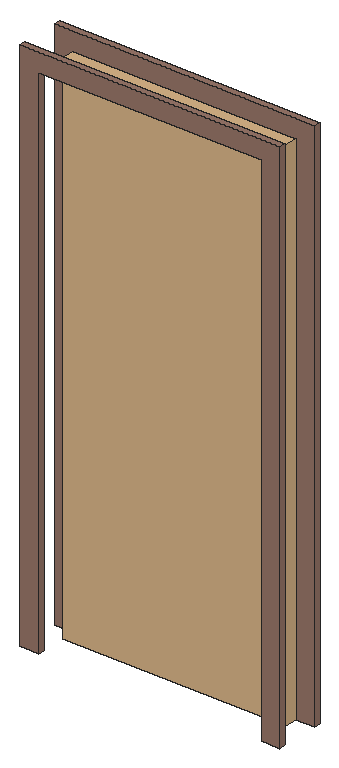
Revit family "Single-Flush", category Doors, host Wall, Revit 2022
Family settings
  Host = Wall
  OmniClass Number = 23.30.10.00
  OmniClass Title = Doors
  Always vertical = Yes
  Cut with Voids When Loaded = No
  Shared = No
  Room Calculation Point = No
Parameters (values of type "36" x 84"")
  Visual Light Transmittance = 0
  Thickness = 0' - 2"
  Thermal Resistance (R) = 1.5338 (h·ft²·°F)/BTU
  Solar Heat Gain Coefficient = 0
  Define Thermal Properties by = Schematic Type
  Construction Type Id = "MDOOR"
  Heat Transfer Coefficient (U) = 0.651978 BTU/(h·ft²·°F)
  Function = Interior
  Assembly Code = "C1020"
  Door Material = Door - Panel
  Frame Material = Door - Frame
  Height = 7' - 0"
  Trim Projection Ext = 0' - 1"
  Trim Projection Int = 0' - 1"
  Trim Width = 0' - 3"
  Wall Closure = By host
  Width = 3' - 0"
  Analytic Construction = "Metal"
Types (7): name | Height | Width
  36" x 84" | 7' - 0" | 3' - 0"
  34" x 84" | 7' - 0" | 2' - 10"
  32" x 84" | 7' - 0" | 2' - 8"
  30" x 84" | 7' - 0" | 2' - 6"
  30" x 80" | 6' - 8" | 2' - 6"
  36" x 80" | 6' - 8" | 3' - 0"
  34" x 80" | 6' - 8" | 2' - 10"
Reference planes (in)
  plane 1: y = 0
  plane 2: z = 0
  plane 3: x = 0
  plane 4: x = -18
  plane 5: x = 18
  plane 6: z = 84
Forms (in)
  Extrusion 1, solid, material "Door - Panel" <- "Door Material"
    sketch origin (0, 0, 0) x (1, 0, 0) y (0, 0, 1)
      loop
        line (-18, 84) -> (-18, 0) -> (18, 0) -> (18, 84) -> (-18, 84)
    from -3 to -1
  Extrusion 2, solid, material "Door - Frame" <- "Frame Material"
    sketch origin (-60, -3, 0) x (1, 0, 0) y (0, 0, 1)
      loop
        line (39, 87) -> (39, 0) -> (42, 0) -> (42, 84) -> (78, 84) -> (78, 0) -> (81, 0) -> (81, 87) -> (39, 87)
    from 0 to 1
  Extrusion 3, solid, material "Door - Frame" <- "Frame Material"
    sketch origin (-60, 3, 0) x (-1, 0, 0) y (0, 0, 1)
      loop
        line (-81, 87) -> (-81, 0) -> (-78, 0) -> (-78, 84) -> (-42, 84) -> (-42, 0) -> (-39, 0) -> (-39, 87) -> (-81, 87)
    from 0 to 1
Lines and regions (in)
  Opening 1
    outline origin (-60, -3, 144) x (0, 0, -1) y (1, 0, 0)
      loop
        line (60, 42) -> (144, 42) -> (144, 78) -> (60, 78) -> (60, 42)
  symbolic lines, style "DoorsPanelProjection"
    curve 1: line (18, 3, 0) -> (16, 3, 0)
    curve 2: line (18, 3, 0) -> (18, 39.0111, 0)
    curve 3: line (18, 39.0111, 0) -> (16, 39.0111, 0)
    curve 4: line (16, 3, 0) -> (16, 39.0111, 0)
  model lines, style "DoorsFrameMullionProjection"
    curve 5: line (-21, -3, 0) -> (-21, -3, 87)
    curve 6: line (-21, -3, 87) -> (21, -3, 87)
    curve 7: line (21, -3, 87) -> (21, -3, 0)
    curve 8: line (21, 3, 0) -> (21, 3, 87)
    curve 9: line (-21, 3, 87) -> (21, 3, 87)
    curve 10: line (-21, 3, 87) -> (-21, 3, 0)
  symbolic lines, style "Plan Swing"
    curve 11: arc (16, 39.0111, 0) -> (-8.2005, 27.78574, 0) -> (-18.06659, 3, 0) r 36.06659
  symbolic lines, style "Elevation Swing"
    curve 12: line (-18, 0, 84) -> (18, 0, 42)
    curve 13: line (-18, 0, 0) -> (18, 0, 42)
Dimensions and locks (in)
  equal spacing: plane 4, plane 3, plane 5
  "Width": plane 4 to plane 5
  locked: host wall to curve 1
  control icon elem to plane 5 = 0' - 10.29952"
  "Height": plane 6 to plane 2
  "Trim Width": plane 4 to curve 5
  "Trim Width": plane 5 to curve 7
  "Trim Width": plane 6 to curve 6
  locked: curve 9 to host wall
  "Trim Projection Ext": Extrusion 3 to host wall
  "Trim Projection Int": Extrusion 2 to host wall
  "Thickness": curve 4 to plane 5
  "Thickness": Extrusion 1 to host wall
  equal spacing: plane 6, curve 13, level
  aligned and locked: host wall to Extrusion 1
  aligned and locked: plane 2 to curve 5
  aligned and locked: curve 7 to level
  aligned and locked: curve 8 to curve 7
  aligned and locked: curve 6 to Extrusion 2 sketch curve
  aligned and locked: Extrusion 2 sketch curve to curve 5
  aligned and locked: Extrusion 2 sketch curve to curve 7
  aligned and locked: Extrusion 2 to Extrusion 3 sketch curve
  aligned and locked: Extrusion 3 sketch curve to Extrusion 2  (x2)
Automatic sketch dimensions
  Opening 1 sketch curve to plane 6 = 0' - 0"
  Opening 1 sketch curve to level = 0' - 0"
  Opening 1 sketch curve to plane 4 = 0' - 0"
  Opening 1 sketch curve to plane 5 = 0' - 0"
  Extrusion 1 sketch curve to plane 4 = 0' - 0"
  Extrusion 1 sketch curve to plane 5 = 0' - 0"
  Extrusion 1 sketch curve to level = 0' - 0"
  Extrusion 1 sketch curve to plane 6 = 0' - 0"
  Extrusion 2 sketch curve to level = 0' - 0"  (x2)
  Extrusion 2 sketch curve to plane 4 = 0' - 0"
  Extrusion 2 sketch curve to plane 5 = 0' - 0"
  Extrusion 2 sketch curve to plane 6 = 0' - 0"
  Extrusion 3 sketch curve to level = 0' - 0"  (x2)
  Extrusion 3 sketch curve to plane 5 = 0' - 0"
  Extrusion 3 sketch curve to plane 4 = 0' - 0"
  Extrusion 3 sketch curve to plane 6 = 0' - 0"
  curve 1 to plane 5 = 0' - 0"
  curve 11 to plane 5 = 0' - 0"
  plane 4 to curve 11 = 0' - 0.06659"
  curve 11 to host wall = 0' - 0"
  curve 12 to plane 4 = 0' - 0"
  curve 12 to plane 6 = 0' - 0"
  curve 13 to plane 5 = 0' - 0"
  curve 8 to level = 0' - 0"
  curve 13 to level = 0' - 0"
  curve 10 to level = 0' - 0"
  curve 13 to plane 4 = 0' - 0"
  curve 9 to curve 5 = 0' - 0"
  curve 10 to curve 5 = 0' - 0"
